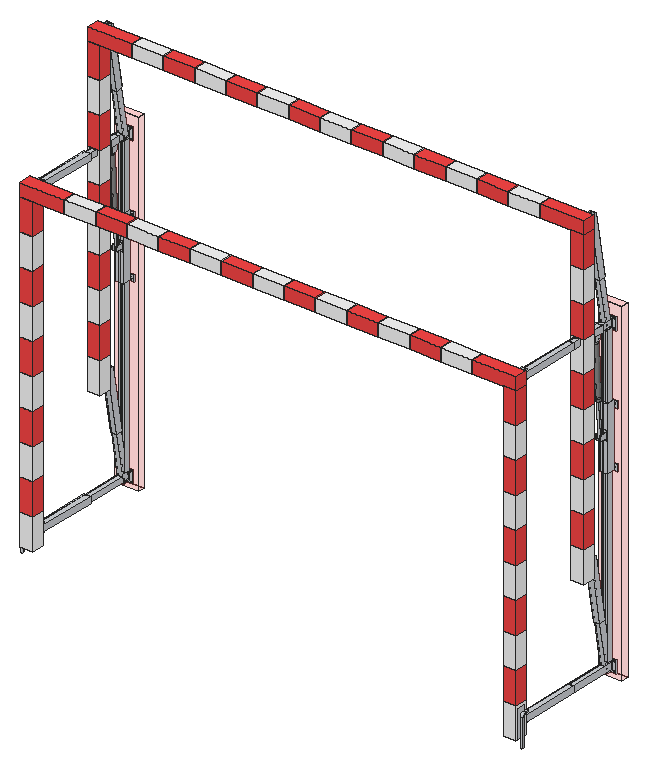
Revit family "Handbollsmål hissbart", category Generic Models, Revit 2019
Family settings
  Can host rebar = No
  Round Connector Dimension = Use Diameter
  Part Type = Normal
  Work Plane-Based = No
  Always vertical = Yes
  Cut with Voids When Loaded = No
  Shared = No
  Room Calculation Point = No
Parameters
  vkr_langd_pos = Distance_analysis - 500 mm  # 300 mm
  vkr_langd = -Distance_analysis + 500 mm  # -300 mm
  distance_z_calc = vkr_langd_pos / cos(10.00°) + 2430 mm  # 2734.628 mm
  distance_calc = vkr_langd_pos * tan(10.00°) + 130 mm  # 182.898 mm
  URL = "www.saxi.se"
  Model = "Saxi Handbollsmål hissbart"
  Manufacturer = "Saxi Vägg AB"
  Distance_from_wall = 800 mm
  Distance_analysis = if(Distance_from_wall > 1500 mm, 1500 mm, if(Distance_from_wall < 800 mm, 800 mm, Distance_from_wall))  # 800 mm
Reference planes
  plane 1 "Center (Front/Back)": y = 0
  plane 2: z = 0
  plane 3 "Center (Left/Right)": x = 0
  plane 4 "wall": y = 800
  plane 5 "spring": through (0, 1416.026, 1666.965) normal (0, -0.0523, 0.9986)
  plane 6 "c": through (0, 1398.129, 1491.588) normal (0, 0.9848, 0.1736)
Forms (mm)
  Extrusion 1, solid, material "bärande_röd"
    sketch origin (0, 0, 0) x (1, 0, 0) y (0, 1, 0)
      loop
        line (-1615.807, 800) -> (-1465.807, 800) -> (-1465.807, 850) -> (-1615.807, 850) -> (-1615.807, 800)
    from 0 to 2139.989
  Extrusion 2, solid, material "bärande_röd"
    sketch origin (0, 0, 0) x (-1, 0, 0) y (0, -1, 0)
      loop
        line (-1615.807, -800) -> (-1615.807, -850) -> (-1465.807, -850) -> (-1465.807, -800) -> (-1615.807, -800)
    from 0 to 2139.989
Dimensions and locks
  nested 1 to plane 3 "Center (Left/Right)" = 1580 mm
  plane 3 "Center (Left/Right)" to nested 1 = 1580 mm
  "Distance_analysis": plane 1 "Center (Front/Back)" to plane 4 "wall"
  locked: Extrusion 1 sketch curve to Extrusion 1 sketch curve at 50
  locked: Extrusion 1 sketch curve to Extrusion 1 sketch curve at 150
  locked: Extrusion 2 sketch curve to Extrusion 2 sketch curve at 50
  locked: Extrusion 2 sketch curve to Extrusion 2 sketch curve at 150
  locked: plane 4 "wall" to nested 13 at 5
  locked: plane 4 "wall" to nested 12 at 5
  locked: nested 14 to plane 4 "wall" at 5
  locked: nested 15 to plane 4 "wall" at 5
  locked: plane 4 "wall" to nested 20 at 87
  locked: plane 4 "wall" to nested 21 at 87.5
  locked: plane 4 "wall" to nested 22 at 55.099
  locked: nested 26 to plane 4 "wall" at 87.5
  locked: nested 29 to Extrusion 2 at 7.5
  locked: Extrusion 1 to nested 24 at 7.5
  locked: plane 4 "wall" to nested 25 at 87
  locked: nested 27 to plane 2 at 1424.349
  locked: plane 4 "wall" to nested 30 at 16.319
  locked: nested 31 to plane 4 "wall" at 16.319
  "distance_calc": plane 4 "wall" to nested 32
  "distance_z_calc": nested 32 to level
  locked: plane 4 "wall" to nested 33 at 16
  locked: nested 34 to plane 4 "wall" at 16
  aligned and locked: level to plane 2
  aligned and locked: nested 16 to plane 4 "wall"
  aligned and locked: nested 17 to plane 4 "wall"
  aligned and locked: plane 4 "wall" to nested 18
  aligned and locked: plane 4 "wall" to nested 19
  aligned and locked: nested 9 to nested 8
  aligned and locked: plane 4 "wall" to nested 23
  aligned and locked: nested 28 to plane 4 "wall"
  aligned and locked: nested 27 to nested 28
Automatic sketch dimensions
  Extrusion 1 sketch curve to plane 4 "wall" = 0 mm
  Extrusion 1 sketch curve to plane 3 "Center (Left/Right)" = 1615.807 mm
  Extrusion 2 sketch curve to plane 4 "wall" = 0 mm
  Extrusion 2 sketch curve to plane 3 "Center (Left/Right)" = 1615.807 mm
Nested families
  nested 1: "Handbollsmål fram" at (0, 80, 0), type "Handbollsmål fram"
  nested 2: "golvhake" at (-1592.186, 32, 146.213) x (0, 1, 0) z (0, 0, 1), type "golvhake"
  nested 3: "golvhake" at (1592.186, 32, 146.213) x (0, 1, 0) z (0, 0, 1), type "golvhake"
  nested 4: "inf_pigg" at (1508.375, 118, 61.25) x (0, 1, 0) z (0, 0, 1), type "inf_pigg"
  nested 5: "inf_pigg" at (1508.375, 118, 2018.635) x (0, 1, 0) z (0, 0, 1), type "inf_pigg"
  nested 6: "inf_pigg" at (-1508.375, 118, 2018.635) x (0, 1, 0) z (0, 0, 1), type "inf_pigg"
  nested 7: "inf_pigg" at (-1571, 118, 61.25) x (0, 1, 0) z (0, 0, 1), type "inf_pigg"
  nested 8: "vkr" at (1520, 485, 55), type "vkr"
    with längd_35 -300 mm
  nested 9: "vkr" at (1520, 485, 2013.75), type "vkr"
    with längd_35 -300 mm
  nested 10: "vkr" at (-1520, 485, 55) x (-1, 0, 0) z (0, 0, 1), type "vkr"
    with längd_35 -300 mm
  nested 11: "vkr" at (-1520, 485, 2013.75) x (-1, 0, 0) z (0, 0, 1), type "vkr"
    with längd_35 -300 mm
  nested 12: "inf_pigg" at (-1508.375, 757, 2018.635) x (0, -1, 0) z (0, 0, 1), type "inf_pigg"
  nested 13: "inf_pigg" at (-1571, 757, 61.25) x (0, -1, 0) z (0, 0, 1), type "inf_pigg"
  nested 14: "inf_pigg" at (1508.375, 757, 2018.635) x (0, -1, 0) z (0, 0, 1), type "inf_pigg"
  nested 15: "inf_pigg" at (1571, 757, 61.25) x (0, -1, 0) z (0, 0, 1), type "inf_pigg"
  nested 16: "inf_vagg" at (-1580.807, 800, 36.25), type "inf_vagg"
  nested 17: "inf_vagg" at (-1580.807, 800, 1993.635), type "inf_vagg"
  nested 18: "inf_vagg" at (1580.807, 800, 36.25) x (-1, 0, 0) z (0, 0, 1), type "inf_vagg"
  nested 19: "inf_vagg" at (1580.807, 800, 1993.635) x (-1, 0, 0) z (0, 0, 1), type "inf_vagg"
  nested 20: "gasfjäder" at (-1540.807, 713, 1408.842) x (-1, 0, 0) z (0, -0.0523, 0.9986), type "gasfjäder"
  nested 21: "fjader_inf1" at (-1559.923, 682.5, 2013.75), type "fjader_inf1"
  nested 22: "fjader_inf2" at (-1561.068, 742.901, 1409.349) x (1, 0, 0) z (0, 1, 0), type "fjader_inf2"
  nested 23: "fjader_inf3" at (-1540.807, 795, 1395), type "fjader_inf3"
  nested 24: "inf_2" at (-1539.557, 792.5, 108.125), type "inf_2"
  nested 25: "gasfjäder" at (1540.807, 713, 1408.842) x (1, 0, 0) z (0, -0.0523, 0.9986), type "gasfjäder"
  nested 26: "fjader_inf1" at (1559.923, 682.5, 2013.75) x (-1, 0, 0) z (0, 0, 1), type "fjader_inf1"
  nested 27: "fjader_inf2" at (1561.068, 743, 1409.349) x (-1, 0, 0) z (0, 1, 0), type "fjader_inf2"
  nested 28: "fjader_inf3" at (1540.807, 795, 1395) x (-1, 0, 0) z (0, 0, 1), type "fjader_inf3"
  nested 29: "inf_2" at (1539.557, 792.5, 108.125) x (-1, 0, 0) z (0, 0, 1), type "inf_2"
  nested 30: "vkr_upp" at (-1559.193, 746.72, 2020.781) x (1, 0, 0) z (0, 0.9848, 0.1736), type "vkr_upp"
    with längd_35 300 mm
  nested 31: "vkr_upp" at (1559.193, 746.72, 2020.781) x (-1, 0, 0) z (0, 0.9848, 0.1736), type "vkr_upp"
    with längd_35 300 mm
  nested 32: "Handbollsmål fram" at (0, 617.102, 654.628), type "Handbollsmål fram"
  nested 33: "vkr_upp" at (-1559.193, 747.039, 61.095) x (1, 0, 0) z (0, 0.9848, 0.1736), type "vkr_upp"
    with längd_35 300 mm
  nested 34: "vkr_upp" at (1559.193, 747.039, 61.153) x (-1, 0, 0) z (0, 0.9848, 0.1736), type "vkr_upp"
    with längd_35 300 mm
Definition of nested family "Handbollsmål fram"
  Reference planes
    plane 1 "Center (Front/Back)": y = 0
    plane 2: z = 0
    plane 3 "Center (Left/Right)": x = 0
  Forms (mm)
    Extrusion 1, solid
      sketch origin (0, 0, 0) x (1, 0, 0) y (0, 0, 1)
        loop
          line (-1580, 0) -> (-1500, 0) -> (-1500, 200) -> (-1580, 200) -> (-1580, 0)
      from 0 to 80
    Extrusion 2, solid
      sketch origin (0, 0, 400) x (1, 0, 0) y (0, 0, 1)
        loop
          line (-1580, 0) -> (-1500, 0) -> (-1500, 200) -> (-1580, 200) -> (-1580, 0)
      from 0 to 80
    Extrusion 3, solid
      sketch origin (0, 0, 800) x (1, 0, 0) y (0, 0, 1)
        loop
          line (-1580, 0) -> (-1500, 0) -> (-1500, 200) -> (-1580, 200) -> (-1580, 0)
      from 0 to 80
    Extrusion 4, solid
      sketch origin (0, 0, 1200) x (1, 0, 0) y (0, 0, 1)
        loop
          line (-1580, 0) -> (-1500, 0) -> (-1500, 200) -> (-1580, 200) -> (-1580, 0)
      from 0 to 80
    Extrusion 5, solid
      sketch origin (0, 0, 1600) x (1, 0, 0) y (0, 0, 1)
        loop
          line (-1580, 0) -> (-1500, 0) -> (-1500, 200) -> (-1580, 200) -> (-1580, 0)
      from 0 to 80
    Extrusion 6, solid
      sketch origin (0, 0, 0) x (1, 0, 0) y (0, 0, 1)
        loop
          line (-1580, 200) -> (-1500, 200) -> (-1500, 400) -> (-1580, 400) -> (-1580, 200)
      from 0 to 80
    Extrusion 7, solid
      sketch origin (0, 0, 400) x (1, 0, 0) y (0, 0, 1)
        loop
          line (-1580, 200) -> (-1500, 200) -> (-1500, 400) -> (-1580, 400) -> (-1580, 200)
      from 0 to 80
    Extrusion 8, solid
      sketch origin (0, 0, 800) x (1, 0, 0) y (0, 0, 1)
        loop
          line (-1580, 200) -> (-1500, 200) -> (-1500, 400) -> (-1580, 400) -> (-1580, 200)
      from 0 to 80
    Extrusion 9, solid
      sketch origin (0, 0, 1200) x (1, 0, 0) y (0, 0, 1)
        loop
          line (-1580, 200) -> (-1500, 200) -> (-1500, 400) -> (-1580, 400) -> (-1580, 200)
      from 0 to 80
    Extrusion 10, solid
      sketch origin (0, 0, 1600) x (1, 0, 0) y (0, 0, 1)
        loop
          line (-1580, 200) -> (-1500, 200) -> (-1500, 400) -> (-1580, 400) -> (-1580, 200)
      from 0 to 80
    Extrusion 11, solid
      sketch origin (0, 0, 0) x (1, 0, 0) y (0, 0, 1)
        loop
          line (100, 2080) -> (-100, 2080) -> (-100, 2000) -> (100, 2000) -> (100, 2080)
      from 0 to 80
    Extrusion 12, solid
      sketch origin (-400, 0, 0) x (1, 0, 0) y (0, 0, 1)
        loop
          line (100, 2080) -> (-100, 2080) -> (-100, 2000) -> (100, 2000) -> (100, 2080)
      from 0 to 80
    Extrusion 13, solid
      sketch origin (-800, 0, 0) x (1, 0, 0) y (0, 0, 1)
        loop
          line (100, 2080) -> (-100, 2080) -> (-100, 2000) -> (100, 2000) -> (100, 2080)
      from 0 to 80
    Extrusion 14, solid
      sketch origin (-1200, 0, 0) x (1, 0, 0) y (0, 0, 1)
        loop
          line (100, 2080) -> (-100, 2080) -> (-100, 2000) -> (100, 2000) -> (100, 2080)
      from 0 to 80
    Extrusion 15, solid
      sketch origin (400, 0, 0) x (-1, 0, 0) y (0, 0, -1)
        loop
          line (100, -2080) -> (100, -2000) -> (-100, -2000) -> (-100, -2080) -> (100, -2080)
      from 0 to 80
    Extrusion 16, solid
      sketch origin (800, 0, 0) x (-1, 0, 0) y (0, 0, 1)
        loop
          line (100, 2080) -> (-100, 2080) -> (-100, 2000) -> (100, 2000) -> (100, 2080)
      from -80 to 0
    Extrusion 17, solid
      sketch origin (1200, 0, 0) x (-1, 0, 0) y (0, 0, 1)
        loop
          line (100, 2080) -> (-100, 2080) -> (-100, 2000) -> (100, 2000) -> (100, 2080)
      from -80 to 0
    Extrusion 18, solid
      sketch origin (0, 0, 0) x (-1, 0, 0) y (0, 0, 1)
        loop
          line (-1580, 0) -> (-1500, 0) -> (-1500, 200) -> (-1580, 200) -> (-1580, 0)
      from -80 to 0
    Extrusion 19, solid
      sketch origin (0, 0, 400) x (-1, 0, 0) y (0, 0, 1)
        loop
          line (-1580, 0) -> (-1500, 0) -> (-1500, 200) -> (-1580, 200) -> (-1580, 0)
      from -80 to 0
    Extrusion 20, solid
      sketch origin (0, 0, 800) x (-1, 0, 0) y (0, 0, 1)
        loop
          line (-1580, 0) -> (-1500, 0) -> (-1500, 200) -> (-1580, 200) -> (-1580, 0)
      from -80 to 0
    Extrusion 21, solid
      sketch origin (0, 0, 1200) x (-1, 0, 0) y (0, 0, 1)
        loop
          line (-1580, 0) -> (-1500, 0) -> (-1500, 200) -> (-1580, 200) -> (-1580, 0)
      from -80 to 0
    Extrusion 22, solid
      sketch origin (0, 0, 1600) x (-1, 0, 0) y (0, 0, -1)
        loop
          line (-1580, 0) -> (-1580, -200) -> (-1500, -200) -> (-1500, 0) -> (-1580, 0)
      from 0 to 80
    Extrusion 23, solid
      sketch origin (0, 0, 0) x (-1, 0, 0) y (0, 0, 1)
        loop
          line (-1580, 200) -> (-1500, 200) -> (-1500, 400) -> (-1580, 400) -> (-1580, 200)
      from -80 to 0
    Extrusion 24, solid
      sketch origin (0, 0, 400) x (-1, 0, 0) y (0, 0, 1)
        loop
          line (-1580, 200) -> (-1500, 200) -> (-1500, 400) -> (-1580, 400) -> (-1580, 200)
      from -80 to 0
    Extrusion 25, solid
      sketch origin (0, 0, 800) x (-1, 0, 0) y (0, 0, 1)
        loop
          line (-1580, 200) -> (-1500, 200) -> (-1500, 400) -> (-1580, 400) -> (-1580, 200)
      from -80 to 0
    Extrusion 26, solid
      sketch origin (0, 0, 1200) x (-1, 0, 0) y (0, 0, 1)
        loop
          line (-1580, 200) -> (-1500, 200) -> (-1500, 400) -> (-1580, 400) -> (-1580, 200)
      from -80 to 0
    Extrusion 27, solid
      sketch origin (0, 0, 1600) x (-1, 0, 0) y (0, 0, -1)
        loop
          line (-1580, -200) -> (-1580, -400) -> (-1500, -400) -> (-1500, -200) -> (-1580, -200)
      from 0 to 80
    Extrusion 28, solid
      sketch origin (0, 0, 0) x (1, 0, 0) y (0, 0, 1)
        loop
          line (-100, 2080) -> (-300, 2080) -> (-300, 2000) -> (-100, 2000) -> (-100, 2080)
      from 0 to 80
    Extrusion 29, solid
      sketch origin (-400, 0, 0) x (1, 0, 0) y (0, 0, 1)
        loop
          line (-100, 2080) -> (-300, 2080) -> (-300, 2000) -> (-100, 2000) -> (-100, 2080)
      from 0 to 80
    Extrusion 30, solid
      sketch origin (-800, 0, 0) x (1, 0, 0) y (0, 0, 1)
        loop
          line (-100, 2080) -> (-300, 2080) -> (-300, 2000) -> (-100, 2000) -> (-100, 2080)
      from 0 to 80
    Extrusion 31, solid
      sketch origin (-1200, 0, 0) x (1, 0, 0) y (0, 0, 1)
        loop
          line (-100, 2080) -> (-380, 2080) -> (-380, 2000) -> (-100, 2000) -> (-100, 2080)
      from 0 to 80
    Extrusion 32, solid
      sketch origin (0, 0, 0) x (-1, 0, 0) y (0, 0, 1)
        loop
          line (-100, 2080) -> (-300, 2080) -> (-300, 2000) -> (-100, 2000) -> (-100, 2080)
      from -80 to 0
    Extrusion 33, solid
      sketch origin (400, 0, 0) x (-1, 0, 0) y (0, 0, 1)
        loop
          line (-100, 2080) -> (-300, 2080) -> (-300, 2000) -> (-100, 2000) -> (-100, 2080)
      from -80 to 0
    Extrusion 34, solid
      sketch origin (800, 0, 0) x (-1, 0, 0) y (0, 0, 1)
        loop
          line (-100, 2080) -> (-300, 2080) -> (-300, 2000) -> (-100, 2000) -> (-100, 2080)
      from -80 to 0
    Extrusion 35, solid
      sketch origin (1200, 0, 0) x (-1, 0, 0) y (0, 0, -1)
        loop
          line (-100, -2080) -> (-100, -2000) -> (-380, -2000) -> (-380, -2080) -> (-100, -2080)
      from 0 to 80
  Dimensions and locks
    locked: Extrusion 11 sketch curve to Extrusion 11 sketch curve at 200
    plane 3 "Center (Left/Right)" to Extrusion 11 sketch curve = 100 mm
    Extrusion 11 sketch curve to level = 2080 mm
    locked: Extrusion 11 sketch curve to Extrusion 11 sketch curve at 80
    locked: Extrusion 12 sketch curve to Extrusion 12 sketch curve at 200
    locked: Extrusion 12 sketch curve to Extrusion 12 sketch curve at 80
    locked: Extrusion 13 sketch curve to Extrusion 13 sketch curve at 200
    locked: Extrusion 13 sketch curve to Extrusion 13 sketch curve at 80
    locked: Extrusion 14 sketch curve to Extrusion 14 sketch curve at 200
    locked: Extrusion 14 sketch curve to Extrusion 14 sketch curve at 80
    locked: Extrusion 15 sketch curve to Extrusion 15 sketch curve at 200
    locked: Extrusion 15 sketch curve to Extrusion 15 sketch curve at 80
    locked: Extrusion 16 sketch curve to Extrusion 16 sketch curve at 200
    locked: Extrusion 16 sketch curve to Extrusion 16 sketch curve at 80
    locked: Extrusion 17 sketch curve to Extrusion 17 sketch curve at 200
    locked: Extrusion 17 sketch curve to Extrusion 17 sketch curve at 80
    aligned and locked: level to plane 2
Definition of nested family "golvhake"
  Reference planes
    plane 1 "Center (Front/Back)": y = 0
    plane 2: z = 0
    plane 3 "Center (Left/Right)": x = 0
  Forms (mm)
    Sweep 1, solid
      path origin (0, 0, 0) x (1, 0, 0) y (0, 0, 1)
        loop
          line (0, -193) -> (0, -13)
          arc (0, -13) -> (3.808, -3.808) -> (13, 0) r 13
          line (13, 0) -> (42, 0)
      profile origin (27.5, 0, 0) x (0, 0, 1) y (0, -1, 0)
        loop
          circle (0, 0) r 6.5
    Extrusion 2, solid
      sketch origin (0, 2.5, 0) x (1, 0, 0) y (0, 1, 0)
        loop
          line (-25, 6.686) -> (25, 6.686) -> (25, 9.686) -> (-25, 9.686) -> (-25, 6.686)
      from -141.213 to 38.787
    Extrusion 3, void
      sketch origin (-7.862, 9.186, 0) x (-1, 0, 0) y (0, 0, 1)
        loop
          circle (10.535, 30.714) r 3.578
        loop
          circle (-26.213, 30.714) r 3.578
        loop
          circle (10.535, -134.286) r 3.578
        loop
          circle (-26.213, -134.286) r 3.578
      from 0 to 180
  Cuts and joins
    Extrusion 3 cuts Extrusion 2
  Dimensions and locks
    locked: Extrusion 2 sketch curve to Extrusion 2 sketch curve at 50
    locked: Extrusion 2 sketch curve to Extrusion 2 sketch curve at 3
    Extrusion 2 sketch curve to plane 3 "Center (Left/Right)" = 25 mm
    locked: Extrusion 2 to Sweep 1 at 51.787
    Extrusion 2 to Extrusion 2 = 180 mm
    aligned and locked: level to plane 2
Definition of nested family "inf_pigg"
  Reference planes
    plane 1 "Center (Front/Back)": y = 0
    plane 2: z = 0
    plane 3 "Center (Left/Right)": x = 0
  Forms (mm)
    Extrusion 1, solid
      sketch origin (0, -46.5, -16.5) x (1, 0, 0) y (0, 0, -1)
        loop
          line (0, 0) -> (-38, 0) -> (-38, -63) -> (0, -63) -> (0, -59) -> (-35, -59) -> (-35, -4) -> (0, -4) -> (0, 0)
      from 0 to 30
  Dimensions and locks
    aligned and locked: level to plane 2
Definition of nested family "vkr"
  Parameters (values of type "vkr")
    längd_35 = -1000 mm
    Default Elevation = 1219.2 mm
  Reference planes
    plane 1 "Center (Front/Back)": y = 0
    plane 2: z = 0
    plane 3 "Center (Left/Right)": x = 0
  Forms (mm)
    Extrusion 1, solid
      sketch origin (0, 0, 0) x (1, 0, 0) y (0, 0, 1)
        loop
          line (0, 0) -> (40, 0) -> (40, 40) -> (0, 40) -> (0, 0)
        loop
          line (2, 38) -> (2, 2) -> (38, 2) -> (38, 38) -> (2, 38)
      from 0 to 400
    Extrusion 2, solid
      sketch origin (0, 0, 0) x (1, 0, 0) y (0, 0, 1)
        loop
          line (2.422, 37.531) -> (2.422, 2.531) -> (37.422, 2.531) -> (37.422, 37.531) -> (2.422, 37.531)
        loop
          line (4.422, 4.531) -> (35.422, 4.531) -> (35.422, 35.531) -> (4.422, 35.531) -> (4.422, 4.531)
      from -1000 <- "längd_35" to 0
  Dimensions and locks
    locked: Extrusion 2 sketch curve to Extrusion 2 sketch curve at 35  (x2)
    aligned and locked: level to plane 2
Definition of nested family "inf_vagg"
  Reference planes
    plane 1 "Center (Front/Back)": y = 0
    plane 2: z = 0
    plane 3 "Center (Left/Right)": x = 0
  Forms (mm)
    Extrusion 1, solid
      sketch origin (0, 0, 0) x (1, 0, 0) y (0, 0, 1)
        loop
          line (0, 0) -> (80, 0) -> (80, 80) -> (0, 80) -> (0, 0)
        loop
          circle (7.976, 71.218) r 4
        loop
          circle (72.551, 71.218) r 4
        loop
          circle (7.976, 8.435) r 4
        loop
          circle (72.551, 8.435) r 4
      from 0 to 5
  Dimensions and locks
    aligned and locked: level to plane 2
Definition of nested family "gasfjäder"
  Parameters
    Default Elevation = 1219.2 mm
  Reference planes
    plane 1 "Center (Front/Back)": y = 0
    plane 2: z = 0
    plane 3 "Center (Left/Right)": x = 0
    plane 4 "2": z = 559.704
  Forms (mm)
    Extrusion 1, solid
      sketch origin (0, 0, 0) x (1, 0, 0) y (0, 1, 0)
        loop
          circle (0, 0) r 7
      from 0 to 215
    Revolve 2, solid
      sketch origin (0, 0, 0) x (0, 1, 0) y (0, 0, 1)
        loop
          line (0, 215) -> (0, 560) -> (-11, 560)
          arc (-11, 560) -> (-13.121, 559.121) -> (-14, 557) r 3
          line (-14, 557) -> (-14, 552.613)
          arc (-14, 552.613) -> (-12.5, 551.113) -> (-14, 549.613) r 1.5
          line (-14, 549.613) -> (-14, 241.5)
          arc (-14, 241.5) -> (-12.5, 240) -> (-14, 238.5) r 1.5
          line (-14, 238.5) -> (-14, 231.5)
          arc (-14, 231.5) -> (-12.5, 230) -> (-14, 228.5) r 1.5
          line (-14, 228.5) -> (-14, 218)
          arc (-14, 218) -> (-13.121, 215.879) -> (-11, 215) r 3
          line (-11, 215) -> (0, 215)
        axis (0, 560) -> (0, 215)
      angle from 0 to 360
    Extrusion 3, solid
      sketch origin (0, 0, 559.704) x (0, 1, 0) y (-1, 0, 0)
        loop
          circle (0, 0) r 7
      from 0 to 25
    Extrusion 4, void
      sketch origin (0, 0, 584.704) x (-1, 0, 0) y (0, 1, 0)
        loop
          line (-3.058, 8.429) -> (-8.579, 8.429) -> (-8.579, -7.849) -> (-3.058, -7.849) -> (-3.058, 8.429)
        loop
          line (3.058, 8.429) -> (3.058, -7.849) -> (8.579, -7.849) -> (8.579, 8.429) -> (3.058, 8.429)
      from 0 to 18
  Cuts and joins
    Extrusion 4 cuts Extrusion 3
  Dimensions and locks
    aligned and locked: level to plane 2
Definition of nested family "fjader_inf1"
  Reference planes
    plane 1 "Center (Front/Back)": y = 0
    plane 2: z = 0
    plane 3 "Center (Left/Right)": x = 0
    plane 4 "a": x = 30
  Forms (mm)
    Extrusion 1, solid
      sketch origin (0, 0, 0) x (1, 0, 0) y (0, 0, 1)
        loop
          line (0, 0) -> (40, 0) -> (40, 40) -> (0, 40) -> (0, 0)
        loop
          line (38, 38) -> (2, 38) -> (2, 2) -> (38, 2) -> (38, 38)
      from -30 to 30
    Extrusion 2, solid
      sketch origin (30, 0, 0) x (0, 0, 1) y (0, -1, 0)
        loop
          line (0, -15) -> (0, 15) -> (-32.651, 15)
          arc (-32.651, 15) -> (-37.848, 12.848) -> (-40, 7.651) r 7.349
          line (-40, 7.651) -> (-40, -7.708)
          arc (-40, -7.708) -> (-37.864, -12.864) -> (-32.708, -15) r 7.292
          line (-32.708, -15) -> (0, -15)
        loop
          circle (-29.384, 0) r 6
      from 0 to 5
    Extrusion 3, solid
      sketch origin (10, 0, 0) x (0, 0, 1) y (0, 1, 0)
        loop
          line (0, 15) -> (-32.708, 15)
          arc (-32.708, 15) -> (-37.864, 12.864) -> (-40, 7.708) r 7.292
          line (-40, 7.708) -> (-40, -7.651)
          arc (-40, -7.651) -> (-37.848, -12.848) -> (-32.651, -15) r 7.349
          line (-32.651, -15) -> (0, -15) -> (0, 15)
        loop
          circle (-29.384, 0) r 6
      from 0 to 5
  Lines and regions (mm)
    reference lines
      curve 1: line (20, 0, 38) -> (20, 0, 78)
  Dimensions and locks
    plane 4 "a" to plane 3 "Center (Left/Right)" = 30 mm
    locked: Extrusion 2 sketch curve to Extrusion 2 sketch curve at 30
    Extrusion 2 sketch curve to plane 1 "Center (Front/Back)" = 15 mm
    locked: Extrusion 3 sketch curve to Extrusion 3 sketch curve at 30
    aligned and locked: level to plane 2
Definition of nested family "fjader_inf2"
  Parameters
    Default Elevation = 1219.2 mm
  Reference planes
    plane 1 "Center (Front/Back)": y = 0
    plane 2: z = 0
    plane 3 "Center (Left/Right)": x = 0
    plane 4 "a": x = 30
  Forms (mm)
    Extrusion 1, solid
      sketch origin (0, 0, 0) x (1, 0, 0) y (0, 0, 1)
        loop
          line (0, 0) -> (40, 0) -> (40, 40) -> (0, 40) -> (0, 0)
        loop
          line (38, 38) -> (2, 38) -> (2, 2) -> (38, 2) -> (38, 38)
      from -30 to 30
    Extrusion 2, solid
      sketch origin (30, 0, 0) x (0, 0, 1) y (0, -1, 0)
        loop
          line (0, -15) -> (0, 15) -> (-32.651, 15)
          arc (-32.651, 15) -> (-37.848, 12.848) -> (-40, 7.651) r 7.349
          line (-40, 7.651) -> (-40, -7.708)
          arc (-40, -7.708) -> (-37.864, -12.864) -> (-32.708, -15) r 7.292
          line (-32.708, -15) -> (0, -15)
        loop
          circle (-29.384, 0) r 6
      from 0 to 5
    Extrusion 3, solid
      sketch origin (10, 0, 0) x (0, 0, 1) y (0, 1, 0)
        loop
          line (0, 15) -> (-32.708, 15)
          arc (-32.708, 15) -> (-37.864, 12.864) -> (-40, 7.708) r 7.292
          line (-40, 7.708) -> (-40, -7.651)
          arc (-40, -7.651) -> (-37.848, -12.848) -> (-32.651, -15) r 7.349
          line (-32.651, -15) -> (0, -15) -> (0, 15)
        loop
          circle (-29.384, 0) r 6
      from 0 to 5
    Extrusion 4, void
      sketch origin (0, 0, 0) x (1, 0, 0) y (0, 0, 1)
        loop
          line (-7.725, 2) -> (57.275, 2) -> (57.275, 52.687) -> (-7.725, 52.687) -> (-7.725, 2)
      from -100 to 100
    Extrusion 5, void
      sketch origin (0, 0, 0) x (-1, 0, 0) y (0, -1, 0)
        loop
          circle (-20.128, -23.332) r 4
        loop
          circle (-20.128, 22.934) r 4
      from -100 to 100
  Cuts and joins
    Extrusion 4, Extrusion 5 cuts Extrusion 1
  Lines and regions (mm)
    reference lines
      curve 1: line (20, 0, 38) -> (20, 0, 78)
  Dimensions and locks
    plane 4 "a" to plane 3 "Center (Left/Right)" = 30 mm
    locked: Extrusion 2 sketch curve to Extrusion 2 sketch curve at 30
    Extrusion 2 sketch curve to plane 1 "Center (Front/Back)" = 15 mm
    locked: Extrusion 3 sketch curve to Extrusion 3 sketch curve at 30
    aligned and locked: level to plane 2
Definition of nested family "fjader_inf3"
  Reference planes
    plane 1 "Center (Front/Back)": y = 0
    plane 2: z = 0
    plane 3 "Center (Left/Right)": x = 0
  Forms (mm)
    Extrusion 1, solid
      sketch origin (0, 0, 0) x (1, 0, 0) y (0, 1, 0)
        loop
          line (-25, 0) -> (-25, -50) -> (-5, -50) -> (-5, -48) -> (-23, -48) -> (-23, -2) -> (0, -2) -> (23, -2) -> (23, -48) -> (5, -48) -> (5, -50) -> (25, -50) -> (25, 0) -> (0, 0) -> (-25, 0)
      from -200 to 200
    Extrusion 2, solid
      sketch origin (0, 0, 200) x (1, 0, 0) y (0, 1, 0)
        loop
          line (-50, 0) -> (50, 0) -> (50, 5) -> (-50, 5) -> (-50, 0)
      from -40 to 0
    Extrusion 3, void
      sketch origin (0, 0, 0) x (1, 0, 0) y (0, 0, 1)
        loop
          circle (37.661, 180.399) r 5
        loop
          circle (-37.661, 180.399) r 5
      from -40 to 40
    Extrusion 4, solid
      sketch origin (0, 0, -200) x (0, -1, 0) y (-1, 0, 0)
        loop
          line (0, 50) -> (-5, 50) -> (-5, -50) -> (0, -50) -> (0, 50)
      from -40 to 0
    Extrusion 5, void
      sketch origin (0, 0, 0) x (1, 0, 0) y (0, 0, 1)
        loop
          circle (37.661, -180.399) r 5
        loop
          circle (-37.661, -180.399) r 5
      from -40 to 40
  Cuts and joins
    Extrusion 3, Extrusion 5 cuts Extrusion 2
    Extrusion 5 cuts Extrusion 4
  Dimensions and locks
    Extrusion 2 sketch curve to Extrusion 1 = 25 mm
    Extrusion 1 to Extrusion 2 sketch curve = 25 mm
    aligned and locked: level to plane 2
Definition of nested family "inf_2"
  Reference planes
    plane 1 "Center (Front/Back)": y = 0
    plane 2: z = 0
    plane 3 "Center (Left/Right)": x = 0
  Forms (mm)
    Extrusion 1, solid
      sketch origin (0, 0, 0) x (1, 0, 0) y (0, 1, 0)
        loop
          line (0, 0) -> (-18, 0) -> (-18, -35) -> (-4.297, -35) -> (-4.297, -33) -> (-16, -33) -> (-16, -2) -> (0, -2) -> (16, -2) -> (16, -33) -> (4.297, -33) -> (4.297, -35) -> (18, -35) -> (18, 0) -> (0, 0)
      from 0 to 1895
  Dimensions and locks
    aligned and locked: level to plane 2
Definition of nested family "vkr_upp"
  Parameters (values of type "vkr_upp")
    längd_35 = 1000 mm
    Default Elevation = 1219.2 mm
  Reference planes
    plane 1 "Center (Front/Back)": y = 0
    plane 2: z = 0
    plane 3 "Center (Left/Right)": x = 0
  Forms (mm)
    Extrusion 1, solid
      sketch origin (0, 0, 0) x (1, 0, 0) y (0, 0, 1)
        loop
          line (2.422, 37.531) -> (2.422, 2.531) -> (37.422, 2.531) -> (37.422, 37.531) -> (2.422, 37.531)
        loop
          line (4.422, 4.531) -> (35.422, 4.531) -> (35.422, 35.531) -> (4.422, 35.531) -> (4.422, 4.531)
      from 1000 <- "längd_35" to 0
    Extrusion 2, solid
      sketch origin (0, -1000, 12.995) x (1, 0, 0) y (0, 0, 1)
        loop
          line (40.047, 27.049) -> (0.047, 27.049) -> (0.047, -12.951) -> (40.047, -12.951) -> (40.047, 27.049)
        loop
          line (38.047, 25.049) -> (2.047, 25.049) -> (2.047, -10.951) -> (38.047, -10.951) -> (38.047, 25.049)
      from 0 to 400
  Dimensions and locks
    locked: Extrusion 1 sketch curve to Extrusion 1 sketch curve at 35  (x2)
    locked: Extrusion 2 sketch curve to Extrusion 2 sketch curve at 40  (x2)
    aligned and locked: level to plane 2
